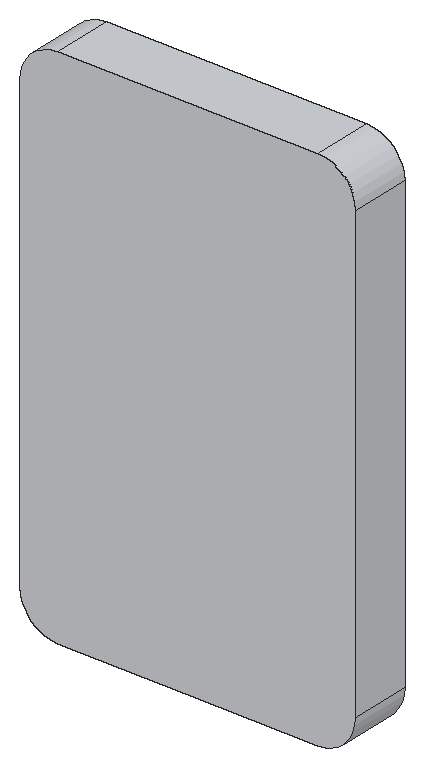
Revit family "WING wall controller", category Electrical Fixtures, host Wall, Revit 2017
Family settings
  Host = Wall
  Maintain Annotation Orientation = No
  Round Connector Dimension = Use Diameter
  Part Type = Normal
  OmniClass Number = 23.80.00.00
  OmniClass Title = Electric Power and Lighting
  Always vertical = Yes
  Cut with Voids When Loaded = No
  Shared = No
  Room Calculation Point = No
Parameters (values of type "WING EC wall controller")
  Zakres nastawy = "5.....40 stC"
  Wysokość wstawienia = 1160 mm
  Sygnał wyjsciowy = "0-10 V DC"
  Numer katalogowy = "1-4-0101-0451"
  Manufacturer = "VTS Group"
  Power supply = 230 V
  Maks. ilość urządzeń = 8
  Keynote = "Sterownik WING EC"
  Description = "EC MOTORS"
  Model = "WING wall  EC controller"
  Material = none
  Assembly Code = ""
  IP Rating = "30"
  Frequency = 50 Hz
  Acceptable Load = 1 A
Reference planes
  plane 1: y = 0
  plane 2 "Środek (Lewa/Prawa)": x = 125
  plane 3 "Tył": y = 75
  plane 4: z = 1160
  plane 5 "x1": z = 1210
  plane 6 "panrel": y = 88.79
Forms (mm)
  Extrusion 1, solid, material <- "Material"
    sketch origin (0, 75, 0) x (1, 0, 0) y (0, 0, 1)
      loop
        line (125, 1160) -> (160, 1160)
        arc (160, 1160) -> (167.071, 1162.929) -> (170, 1170) r 10
        line (170, 1170) -> (170, 1290)
        arc (170, 1290) -> (167.071, 1297.071) -> (160, 1300) r 10
        line (160, 1300) -> (91.268, 1300)
        arc (91.268, 1300) -> (84.196, 1297.071) -> (81.268, 1290) r 10
        line (81.268, 1290) -> (81.268, 1170)
        arc (81.268, 1170) -> (84.196, 1162.929) -> (91.268, 1160) r 10
        line (91.268, 1160) -> (125, 1160)
    from -16.11 to 0
  Extrusion 2, void
    sketch origin (0, 75, 0) x (1, 0, 0) y (0, 0, 1)
      loop
        line (160, 1297) -> (91.268, 1297)
        arc (91.268, 1297) -> (86.318, 1294.95) -> (84.268, 1290) r 7
        line (84.268, 1290) -> (84.268, 1170)
        arc (84.268, 1170) -> (86.318, 1165.05) -> (91.268, 1163) r 7
        line (91.268, 1163) -> (125, 1163) -> (160, 1163)
        arc (160, 1163) -> (164.95, 1165.05) -> (167, 1170) r 7
        line (167, 1170) -> (167, 1290)
        arc (167, 1290) -> (164.95, 1294.95) -> (160, 1297) r 7
    from -21.472 to -13.79
Cuts and joins
  Extrusion 2 cuts Extrusion 1
Lines and regions (mm)
  symbolic lines
    curve 1: line (151.476, 75, 1280.984) -> (100.268, 75, 1280.984)
    curve 2: line (151.476, 75, 1240.984) -> (151.476, 75, 1280.984)
    curve 3: line (100.268, 75, 1240.984) -> (151.476, 75, 1240.984)
    curve 4: line (100.268, 75, 1280.984) -> (100.268, 75, 1240.984)
Text (mm)
  text "Strona umieszczenia" at (-1867.185, 1116.779, 0), in view "Poziom odniesienia"
  text "Strona umieszczenia" at (0, 1270.507, 3001.832), in view "Lewy"
  text "Strona umieszczenia" at (0, 530.812, 2999.686), in view "Prawy"
Dimensions and locks
  locked: plane 3 "Tył" to host wall
  "Wysokość wstawienia": level to plane 4
  aligned and locked: plane 1 to host wall
Automatic sketch dimensions
  Extrusion 1 sketch curve to plane 2 "Środek (Lewa/Prawa)" = 0 mm
  Extrusion 1 sketch curve to plane 2 "Środek (Lewa/Prawa)" = 33.732 mm
  plane 4 to Extrusion 1 sketch curve = 10 mm
  Extrusion 1 sketch curve to Extrusion 1 sketch curve = 10 mm  (x2)
  Extrusion 1 sketch curve to Extrusion 1 sketch curve = 120 mm
  Extrusion 1 sketch curve to plane 4 = 0 mm
  plane 2 "Środek (Lewa/Prawa)" to Extrusion 1 sketch curve = 35 mm
  Extrusion 1 sketch curve to Extrusion 1 sketch curve = 0 mm
  Extrusion 2 sketch curve to plane 2 "Środek (Lewa/Prawa)" = 0 mm
  plane 4 to Extrusion 2 sketch curve = 10 mm  (x2)
  Extrusion 2 sketch curve to plane 2 "Środek (Lewa/Prawa)" = 33.732 mm
  Extrusion 2 sketch curve to Extrusion 2 sketch curve = 7 mm  (x2)
  plane 2 "Środek (Lewa/Prawa)" to Extrusion 2 sketch curve = 35 mm
  plane 5 "x1" to Extrusion 2 sketch curve = 80 mm
  Extrusion 2 sketch curve to Extrusion 2 sketch curve = 0 mm
  plane 2 "Środek (Lewa/Prawa)" to curve 3 = 26.476 mm
  plane 5 "x1" to curve 3 = 30.984 mm
  curve 2 to curve 2 = 40 mm
  curve 4 to plane 2 "Środek (Lewa/Prawa)" = 24.732 mm
Connectors
  electrical at (125.563, 75, 1222.222)
    settings: on Extrusion 1, index 1, voltage 0 V, apparent load 0 VA, apparent load phase1 0 VA, apparent load phase2 0 VA, apparent load phase3 0 VA, power factor 1, load classification "Other", number of poles 1, system type 13, power factor state 1, is connector primary yes, connector utility no, sub classification motor no, connector description "Control"
  electrical at (125.563, 91.11, 1222.222), driven by "Power supply"
    settings: on Extrusion 1, index 2, voltage 230 V, apparent load 0 VA, apparent load phase1 0 VA, apparent load phase2 0 VA, apparent load phase3 0 VA, power factor 1, load classification "Other", number of poles 1, system type 31, power factor state 1, is connector primary no, connector utility no, sub classification motor no, connector description ""
